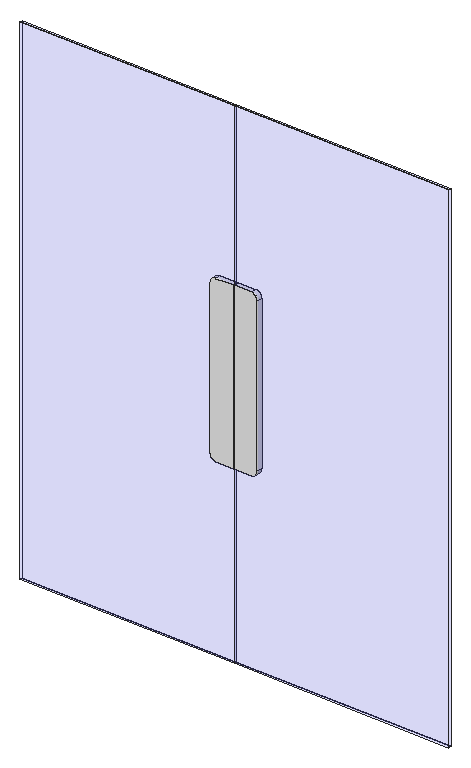
Revit family "e1ef4f5de1224c0aa5ffac90e1c46c15", category Doors, Revit 2021
Family settings
  Always vertical = Yes
  Cut with Voids When Loaded = No
  Shared = No
  Room Calculation Point = No
Parameters (values of type "Glass_Dbl_Door")
  Visual Light Transmittance = 0.9
  Solar Heat Gain Coefficient = 0.78
  Offset = 50 mm
  Define Thermal Properties by = Schematic Type
  Construction Type Id = "GSP4R"
  Material Ironmongery = Metal - Aluminum
  Material Door = Metal - Aluminum
  Heat Transfer Coefficient (U) = 3.6886 W/(m²·K)
  Handle X Distance = 75 mm
  Material Glass = Glass
  Glazing Thickness = 12 mm
  Function = Interior
  Analytic Construction = "1/8 in Pilkington single glazing"
Reference planes
  plane 1 "Center (Front/Back": y = 0
  plane 2: z = 0
  plane 3 "Center (Left/Right)": x = 82.523
  plane 4 "Left": x = -831.877
  plane 5 "Right": x = 996.923
  plane 6 "Top": z = 2133.6
  plane 7: z = 1066.8
  plane 8: y = 50
  plane 9: z = 1066.8
  plane 10: z = 750
  plane 11: z = 1450
  plane 12: z = 1550
  plane 13: z = 650
  plane 14: x = 7.523
  plane 15: x = 157.523
Forms (mm)
  Extrusion 1, solid, material "Glass" <- "Material Glass"
    sketch origin (0, 0, 0) x (1, 0, 0) y (0, 0, 1)
      loop
        line (996.923, 2133.6) -> (82.523, 2133.6) -> (82.523, 0) -> (996.923, 0) -> (996.923, 2133.6)
    from -50 to -38
  Extrusion 2, solid, material "Glass" <- "Material Glass"
    sketch origin (0, 0, 0) x (1, 0, 0) y (0, 0, 1)
      loop
        line (-831.877, 2133.6) -> (-831.877, 0) -> (82.523, 0) -> (82.523, 2133.6) -> (-831.877, 2133.6)
    from -50 to -38
  Extrusion 3, solid
    sketch origin (0, 50, 0) x (-1, 0, 0) y (0, 0, 1)
      loop
        line (-82.523, 750) -> (-7.523, 750)
        arc (-7.523, 750) -> (10.155, 757.322) -> (17.477, 775) r 25
        line (17.477, 775) -> (17.477, 1425)
        arc (17.477, 1425) -> (10.155, 1442.678) -> (-7.523, 1450) r 25
        line (-7.523, 1450) -> (-82.523, 1450) -> (-82.523, 750)
    from -17 to 5
  Extrusion 4, solid
    sketch origin (0, 50, 0) x (-1, 0, 0) y (0, 0, 1)
      loop
        line (-82.523, 750) -> (-82.523, 1450) -> (-157.523, 1450)
        arc (-157.523, 1450) -> (-175.201, 1442.678) -> (-182.523, 1425) r 25
        line (-182.523, 1425) -> (-182.523, 775)
        arc (-182.523, 775) -> (-175.201, 757.322) -> (-157.523, 750) r 25
        line (-157.523, 750) -> (-82.523, 750)
    from -17 to 5
Lines and regions (mm)
  symbolic lines, style "DoorsPanelProjection"
    curve 1: line (-831.877, 50, 0) -> (-831.877, 964.4, 0)
    curve 2: line (996.923, 50, 0) -> (996.923, 964.4, 0)
  symbolic lines, style "Plan Swing"
    curve 3: arc (-831.877, 964.4, 0) -> (-185.298, 696.578, 0) -> (82.523, 50, 0) r 914.4
    curve 4: arc (996.923, 964.4, 0) -> (350.345, 696.578, 0) -> (82.523, 50, 0) r 914.4
  symbolic lines, style "Elevation Swing"
    curve 5: line (84.111, 0, 2133.6) -> (996.923, 0, 1066.8)
    curve 6: line (996.923, 0, 1066.8) -> (82.523, 0, -1.855)
    curve 7: line (82.523, 0, -1.855) -> (-831.877, 0, 1066.8)
    curve 8: line (-831.877, 0, 1066.8) -> (80.936, 0, 2133.6)
Text (mm)
  text "Exterior" at (-790.651, 1092.624, 0), in view "Base Line"
Dimensions and locks
  equal spacing: plane 4 "Left", plane 3 "Center (Left/Right)", plane 5 "Right"
  equal spacing: plane 2, plane 7, plane 6 "Top"
  Extrusion 1 sketch curve to plane 3 "Center (Left/Right)" = 0 mm
  "Offset": plane 1 "Center (Front/Back" to plane 8
  "Glazing Thickness": Extrusion 1 to plane 8
  plane 3 "Center (Left/Right)" to Extrusion 2 sketch curve = 0 mm
  "Glazing Thickness": Extrusion 2 to plane 8
  plane 2 to plane 10 to plane 11 = 750 mm, 700 mm
  "Handle X Distance": plane 14 to plane 3 "Center (Left/Right)"
  "Handle X Distance": plane 3 "Center (Left/Right)" to plane 15
  Extrusion 3 sketch curve to plane 14 = 25 mm
  plane 15 to Extrusion 4 sketch curve = 25 mm
  locked: Extrusion 3 to Extrusion 2 at 5  (x2)
  aligned and locked: Extrusion 1 to plane 8
  aligned and locked: Extrusion 1 to Extrusion 2
  aligned and locked: Extrusion 2 to curve 1
  aligned and locked: curve 1 to Extrusion 2
  aligned and locked: curve 2 to Extrusion 1
  aligned and locked: Extrusion 1 to curve 2
  aligned and locked: plane 5 "Right" to Extrusion 1 sketch curve
  aligned and locked: plane 3 "Center (Left/Right)" to Extrusion 1 sketch curve
  aligned and locked: plane 3 "Center (Left/Right)" to Extrusion 2 sketch curve
  aligned and locked: plane 4 "Left" to Extrusion 2 sketch curve
  aligned and locked: plane 6 "Top" to Extrusion 1 sketch curve
  aligned and locked: plane 2 to Extrusion 1 sketch curve
  aligned and locked: Extrusion 2 sketch curve to plane 2
  aligned and locked: Extrusion 2 sketch curve to plane 6 "Top"
  aligned and locked: Extrusion 4 to Extrusion 3
  aligned and locked: Extrusion 3 to Extrusion 4
Automatic sketch dimensions
  curve 3 to plane 3 "Center (Left/Right)" = 0 mm
  curve 4 to plane 3 "Center (Left/Right)" = 0 mm
  curve 4 to plane 8 = 0 mm
  curve 8 to plane 6 "Top" = 0 mm
  curve 5 to plane 6 "Top" = 0 mm
  curve 6 to plane 5 "Right" = 0 mm
  curve 6 to plane 7 = 0 mm
  curve 8 to plane 4 "Left" = 0 mm
  curve 8 to plane 7 = 0 mm
  curve 7 to plane 3 "Center (Left/Right)" = 0 mm
  curve 7 to level = 1.855 mm
  curve 8 to plane 3 "Center (Left/Right)" = 1.588 mm
  plane 3 "Center (Left/Right)" to curve 5 = 1.587 mm
  Extrusion 3 sketch curve to plane 3 "Center (Left/Right)" = 0 mm
  Extrusion 3 sketch curve to plane 10 = 0 mm
  Extrusion 3 sketch curve to plane 11 = 0 mm
  Extrusion 3 sketch curve to plane 3 "Center (Left/Right)" = 75 mm
  plane 11 to Extrusion 3 sketch curve = 25 mm
  Extrusion 4 sketch curve to plane 11 = 0 mm
  Extrusion 4 sketch curve to plane 15 = 0 mm  (x2)
  Extrusion 4 sketch curve to plane 10 = 0 mm
  Extrusion 4 sketch curve to plane 3 "Center (Left/Right)" = 0 mm
